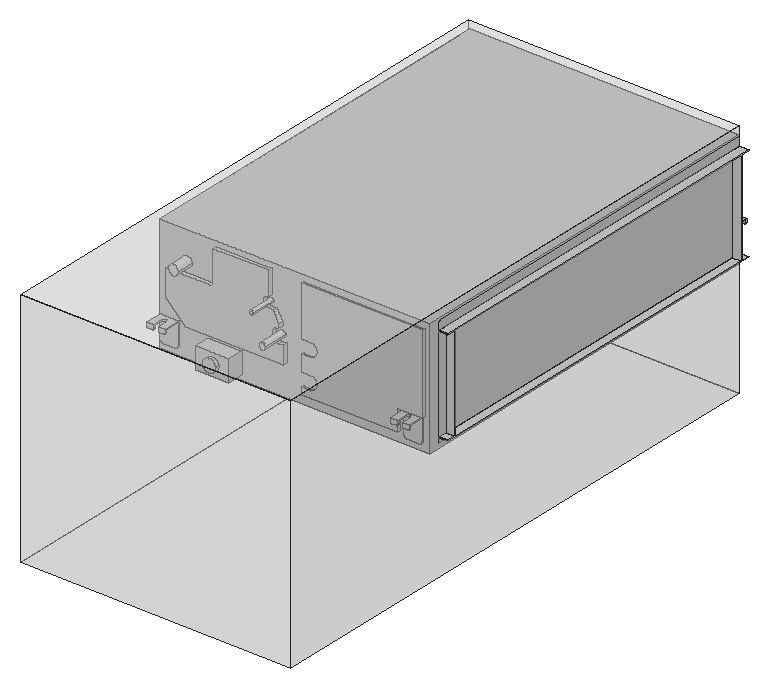
Revit family "outputfile", category 機械設備, Revit 2024
Family settings
  丸型コネクタ寸法 = 半径を使用
  パーツ タイプ = 標準
  OmniClass 番号 = 23.75.10.24.21.27.27
  OmniClass タイトル = Split System Air Conditioning Units
  作業面ベース = いいえ
  常に垂直 = はい
  ロード時にボイドで切り取り = いいえ
  注釈の向きを維持 = いいえ
  共有 = いいえ
  部屋計算ポイント = はい
Parameters (values of type "FXMQ63PAVS")
  Description = ""
  製造元 = "Daikin"
  書き出し IFC クラス(タイプ) = "IfcUnitaryEquipmentType"
  定義済み IFC タイプ(タイプ) = "AIRCONDITIONINGUNIT"
  Cost = 0
  モデル = "FXMQ63PAVS"
  Type Comments = ""
  Keynote = ""
  Type Image = (empty or 0)
  Assembly Code = ""
  r_Liquid Pipe Size = Liquid Pipe Size / 2  # 4.75 mm
  r_Gas Pipe Size = Gas Pipe Size / 2  # 7.95 mm
  r_Drain Pipe Size = Drain Pipe Size / 2  # 12.5 mm
  lw_power = 396.0 mm  # constant formula
  lh_SA = 165.0 mm  # constant formula
  lw_SA = if(Depth = 550.0 mm, 210.0 mm, if(Depth = 700.0 mm, 285.0 mm, if(Depth = 1000.0 mm, 435.0 mm, 635.0 mm)))  # 435.0 mm
  lw_RA = if(Depth = 550.0 mm, 288.0 mm, if(Depth = 700.0 mm, 363.0 mm, if(Depth = 1000.0 mm, 513.0 mm, 713.0 mm)))  # 513.0 mm
  lh_power = 60.0 mm + [h***]  # 60.0 mm
  lh_mountinghole1 = lh_mountinghole + [h***]  # 80.0 mm
  lh_RA = 150.0 mm  # constant formula
  ld_power = Depth / 2  # 500.0 mm
  Voltage_comment_50Hz = "220-240"
  Voltage_50Hz = 220 V
  URL = ""
  Supply Air Direction [instance] = yes
  Sound Power Level_H speed (dB) = 60
  Phase_50Hz = 1
  Minimum External Static Pressure = 50.00 Pa
  Minimum Circuit Amps_50Hz = 1.8 A
  Maximum Fuse Amps_50Hz = 16.0 A
  Maximum External Static Pressure = 200.00 Pa
  Material_Casing = DAIKIN_GalvanizedSteel_Casing_indoorunit
  lw_mountinghole = 631.0 mm  # constant formula
  lh_gaspipe = 144.0 mm + [h***]  # 144.0 mm
  lh_mountinghole = 80.0 mm  # constant formula
  lh_liquidpipe = 212.0 mm + [h***]  # 212.0 mm
  lh_drainpipe = 232.0 mm + [h***]  # 232.0 mm
  lh_antena = Height - lh_mountinghole + 1.0 mm  # 221.0 mm
  ld_drainpipe = Depth / 2 + 54.0 mm  # 554.0 mm
  ld_liquidpipe = 565.0 mm
  ld_gaspipe = 565.0 mm
  ld_mountinghole = Depth + 38.0 mm  # 1038.0 mm
  h*** = 0.0 mm  # constant formula
  lw_liquidpipe = 290.0 mm  # constant formula
  lw_gaspipe = 318.0 mm  # constant formula
  lw_drainpipe = 80.0 mm  # constant formula
  Width = 700.0 mm
  Version = "ver.1.0"
  Unit Type = "Middle-High Static Pressure Duct Type"
  Unit Mass Weight = 35.00 kg
  Unit Designation [instance] = ""
  Uniclass2015Version = "Products v1.30"
  Uniclass2015Title = "Variable refrigerant flow units"
  Uniclass2015Code = "Pr_70_65_03_94"
  Total Heating Capacity [instance] = 0.000 kW
  Total Cooling Capacity [instance] = 0.000 kW
  Sound Pressure Level_M speed (dBA) = 0
  Sound Pressure Level_L speed (dBA) = 38
  Sound Pressure Level_H speed (dBA) = 42
  Series = "VRV Fan Coil Unit"
  Sensible Cooling Capacity [instance] = 0.000 kW
  SA Duct Size Width = if(Depth = 550.0 mm, 310.0 mm, if(Depth = 700.0 mm, 460.0 mm, if(Depth = 1000.0 mm, 760.0 mm, 1160.0 mm)))  # 760.0 mm
  SA Duct Size Height = 215.0 mm
  Refrigerant Type = "R410A"
  RA Duct Size Width = if(Depth = 550.0 mm, 475.0 mm, if(Depth = 700.0 mm, 625.0 mm, if(Depth = 1000.0 mm, 925.0 mm, 1325.0 mm)))  # 925.0 mm
  RA Duct Size Height = 247.0 mm
  Power Input (Heating) = 0.218 kW
  Power Input (Cooling) = 0.230 kW
  Option Accessory 3 [instance] = ""
  Option Accessory 2 [instance] = ""
  Option Accessory 1 [instance] = ""
  Nominal Heating Capacity = 8.000 kW
  Nominal Cooling Capacity = 7.100 kW
  Minimum Airflow = 960.00 m³/h
  Median Airflow = 1050.00 m³/h
  Maximum Airflow = 1170.00 m³/h
  Load Classification = HVAC
  Liquid Pipe Size = 9.5 mm
  Link_Nested Family [instance] = ""
  IfcVersion = "0"
  IfcExportType = "AIRCONDITIONINGUNIT"
  IfcExportAs = "IfcUnitaryEquipmentType"
  Height = 300.0 mm
  Heating Entering Wet Bulb Temperature [instance] = 0.00 °C
  Heating Entering Dry Bulb Temperature [instance] = 0.00 °C
  Heating Ambient Wet Bulb Temperature [instance] = 0.00 °C
  Heating Ambient Dry Bulb Temperature [instance] = 0.00 °C
  Heat Exchanger Type = "Cross Fin Coil"
  Gas Pipe Size = 15.9 mm
  Frequency_50Hz = 50 Hz
  Fan Type = "Sirocco Fan"
  Fan Drive = "Direct Drive"
  FCU Tag No. [instance] = ""
  Drain Pipe Size = 25.0 mm
  Design Supply Airflow [instance] = 0.00 m³/h
  Design Return Airflow [instance] = 0.00 m³/h
  Design External Static Pressure [instance] = 0.00 Pa
  Depth = 1000.0 mm
  既定の高さ = 0.0 mm
  Cooling Entering Wet Bulb Temperature [instance] = 0.00 °C
  Cooling Entering Dry Bulb Temperature [instance] = 0.00 °C
  Cooling Ambient Wet Bulb Temperature [instance] = 0.00 °C
  Cooling Ambient Dry Bulb Temperature [instance] = 0.00 °C
  Clearance visibility [instance] = yes
  Clearance Top = 20.0 mm
  Clearance Right = 0.0 mm
  Clearance Rear = 0.0 mm
  Clearance Left = 0.0 mm
  Clearance Front = 450.0 mm
  Clearance Bottom = 300.0 mm
Reference planes
  plane 1 "Center (Front/Back)": y = 0
  plane 2 "h": z = 0
  plane 3 "Center (Left/Right)": x = 0
  plane 4 "Back": y = 500
  plane 5 "Front": y = -500
  plane 6 "Left": x = -350
  plane 7 "Reight": x = 350
  plane 8 "Top": z = 0
  plane 9 "Bottom": z = -300
  plane 10: y = -215
  plane 11: y = 500
  plane 12: y = -950
  plane 13: x = -350
  plane 14: x = 350
  plane 15: z = 20
  plane 16: z = -600
  plane 17: x = -350
  plane 18: z = -135
  plane 19: x = -349
  plane 20: x = 349
  plane 21: y = 65
  plane 22: y = 13
  plane 23: z = -150
  plane 24: y = -510.8
  plane 25: z = -14
  plane 26: z = -219
  plane 27: x = -324
  plane 28: x = -60
  plane 29: x = -20
  plane 30: z = -156
  plane 31: x = -32
  plane 32: z = -88
  plane 33: x = 23
  plane 34: x = 335
  plane 35: z = -15.8
  plane 36: z = -274.8
  plane 37: z = -219.8
  plane 38: x = 271
  plane 39: x = -223.3
  plane 40: x = -138.3
  plane 41: z = -232.7
  plane 42: z = -288.5
  plane 43: y = -541
  plane 44: x = -181
  plane 45: z = -260
  plane 46: y = -551
  plane 47: z = -163.8
  plane 48: z = -239.8
  plane 49: x = 46
  plane 50: z = -88
  plane 51: x = -60
  plane 52: y = -565
  plane 53: z = -156
  plane 54: x = -32
  plane 55: y = -554
  plane 56: z = -68
  plane 57: x = -270
  plane 58: x = -270
  plane 59: x = -60
  plane 60: x = -32
  plane 61: x = 46
  plane 62: x = -323
  plane 63: x = 308
  plane 64: y = -519
  plane 65: y = 519
  plane 66: z = -220
  plane 67: y = -506
  plane 68: x = -204
  plane 69: z = -100.2
  plane 70: x = -374
  plane 71: x = 374
Forms (mm)
  Extrusion 1, solid, material "DAIKIN_GalvanizedSteel_Casing_indoorunit" <- "Material_Casing"
    sketch origin (0, 0, 0) x (1, 0, 0) y (0, 1, 0)
      loop
        line (-349, 500) -> (-349, -500) -> (349, -500) -> (349, 500) -> (-349, 500)
    from -300 to 0
  Extrusion 2, solid, material "DAIKIN_GalvanizedSteel_Casing_indoorunit" <- "Material_Casing"
    sketch origin (0, 0, 0) x (1, 0, 0) y (0, 0, 1)
      loop
        line (-324, -100.2) -> (-324, -168) -> (-273, -219) -> (-20, -219) -> (-20, -173.5) -> (-32, -173.5)
        arc (-32, -173.5) -> (-49.5, -156) -> (-32, -138.5) r 17.5
        line (-32, -138.5) -> (-32, -127.5) -> (-47, -101) -> (-60, -101)
        arc (-60, -101) -> (-73, -88) -> (-60, -75) r 13
        line (-60, -75) -> (-60, -14) -> (-204, -14) -> (-204, -100.2) -> (-324, -100.2)
    from 500 to 510.8
  Extrusion 3, solid, material "DAIKIN_GalvanizedSteel_Casing_indoorunit" <- "Material_Casing"
    sketch origin (0, 0, 0) x (1, 0, 0) y (0, 0, 1)
      loop
        line (23, -274.8) -> (271, -274.8) -> (271, -219.8) -> (335, -219.8) -> (335, -15.8) -> (23, -15.8) -> (23, -146.3) -> (46, -146.3)
        arc (46, -146.3) -> (63.5, -163.8) -> (46, -181.3) r 17.5
        line (46, -181.3) -> (23, -181.3) -> (23, -222.3) -> (46, -222.3)
        arc (46, -222.3) -> (63.5, -239.8) -> (46, -257.3) r 17.5
        line (46, -257.3) -> (23, -257.3) -> (23, -274.8)
    from 500 to 506
  Extrusion 4, solid, material "DAIKIN_GalvanizedSteel_Casing_indoorunit" <- "Material_Casing"
    sketch origin (0, 0, 0) x (1, 0, 0) y (0, 0, 1)
      loop
        line (-223.3, -232.7) -> (-223.3, -288.5) -> (-138.3, -288.5) -> (-138.3, -232.7) -> (-223.3, -232.7)
    from 500 to 541
  Extrusion 5, solid, material "DAIKIN_GalvanizedSteel_Casing_indoorunit" <- "Material_Casing"
    sketch origin (0, 0, 0) x (1, 0, 0) y (0, 0, 1)
      loop
        circle (-181, -260) r 16.5
    from 541 to 551
  Extrusion 6, solid
    sketch origin (0, 0, 0) x (1, 0, 0) y (0, 0, 1)
      loop
        circle (-60, -88) r 4.75
    from 500 to 565
  Extrusion 7, solid
    sketch origin (0, 0, 0) x (1, 0, 0) y (0, 0, 1)
      loop
        circle (-32, -156) r 7.95
    from 500 to 565
  Extrusion 8, solid
    sketch origin (0, 0, 0) x (1, 0, 0) y (0, 0, 1)
      loop
        circle (-270, -68) r 12.5
    from 510.8 to 554
Dimensions and locks
  "Height": plane 8 "Top" to plane 9 "Bottom"
  equal spacing: plane 4 "Back", plane 1 "Center (Front/Back)", plane 5 "Front"
  "Depth": plane 4 "Back" to plane 5 "Front"
  equal spacing: plane 6 "Left", plane 3 "Center (Left/Right)", plane 7 "Reight"
  "Width": plane 6 "Left" to plane 7 "Reight"
  "Clearance Left": plane 13 to plane 6 "Left"
  "Clearance Right": plane 7 "Reight" to plane 14
  "Clearance Rear": plane 11 to plane 4 "Back"
  "Clearance Front": plane 5 "Front" to plane 12
  "Clearance Top": plane 15 to plane 8 "Top"
  "Clearance Bottom": plane 9 "Bottom" to plane 16
  "lh_SA": plane 18 to plane 9 "Bottom"
  locked: plane 17 to plane 19 at 1
  locked: plane 20 to plane 14 at 1
  "lw_SA": plane 11 to plane 21
  "lw_RA": plane 22 to plane 5 "Front"
  "lh_RA": plane 23 to plane 9 "Bottom"
  locked: plane 5 "Front" to plane 24 at 10.8
  plane 29 to plane 28 to plane 27 to plane 6 "Left" = 40.0 mm, 264.0 mm, 26.0 mm
  locked: plane 31 to plane 6 "Left" at 318
  plane 34 to plane 33 to plane 6 "Left" = 312.0 mm locked, 373.0 mm locked
  locked: plane 34 to plane 38 at 64
  locked: plane 37 to plane 36 at 55
  plane 40 to plane 39 to plane 6 "Left" = 85.0 mm locked, 126.7 mm locked
  locked: plane 5 "Front" to plane 43 at 41
  locked: plane 44 to plane 6 "Left" at 169
  locked: plane 43 to plane 46 at 10
  plane 47 to plane 48 to plane 36 = 76.0 mm locked, 35.0 mm locked
  locked: plane 49 to plane 33 at 23
  "lw_liquidpipe": plane 51 to plane 6 "Left"
  "lh_liquidpipe": plane 50 to plane 9 "Bottom"
  "lh_gaspipe": plane 53 to plane 9 "Bottom"
  "lw_gaspipe": plane 54 to plane 6 "Left"
  "ld_gaspipe": plane 52 to plane 1 "Center (Front/Back)"
  "ld_drainpipe": plane 55 to plane 1 "Center (Front/Back)"
  "lh_drainpipe": plane 56 to plane 9 "Bottom"
  "lw_drainpipe": plane 57 to plane 6 "Left"
  "lw_drainpipe": plane 6 "Left" to plane 58
  "lw_liquidpipe": plane 6 "Left" to plane 59
  "lw_gaspipe": plane 6 "Left" to plane 60
  "lw_power": plane 6 "Left" to plane 61
  plane 17 to plane 62 = 27.0 mm
  "lw_mountinghole": plane 62 to plane 63
  equal spacing: plane 64, plane 1 "Center (Front/Back)", plane 65
  "ld_mountinghole": plane 65 to plane 64
  "lh_mountinghole": plane 66 to plane 9 "Bottom"
  plane 8 "Top" to plane 41 to plane 42 = 232.7 mm locked, 55.8 mm locked
  locked: plane 8 "Top" to plane 45 at 260
  plane 8 "Top" to plane 25 to plane 26 = 14.0 mm locked, 205.0 mm locked
  plane 8 "Top" to plane 32 to plane 30 = 88.0 mm locked, 68.0 mm locked
  plane 8 "Top" to plane 35 to plane 36 = 15.8 mm locked, 259.0 mm locked
  locked: plane 5 "Front" to plane 67 at 6
  locked: plane 25 to plane 69 at 86.2
  locked: plane 27 to plane 68 at 120
  locked: plane 70 to plane 6 "Left" at 24
  locked: plane 14 to plane 71 at 24
  "r_Liquid Pipe Size": radius of Extrusion 6 sketch curve
  "r_Gas Pipe Size": radius of Extrusion 7 sketch curve
  "r_Drain Pipe Size": radius of Extrusion 8 sketch curve
  aligned and locked: level to plane 2 "h"
  aligned and locked: plane 8 "Top" to Extrusion 1
  aligned and locked: Extrusion 1 to plane 9 "Bottom"
  aligned and locked: nested 5 to plane 12
  aligned and locked: plane 13 to nested 5
  aligned and locked: plane 14 to nested 5
  aligned and locked: nested 5 to plane 13
  aligned and locked: plane 11 to nested 5
  aligned and locked: plane 15 to nested 5
  aligned and locked: plane 16 to nested 5
  aligned and locked: plane 5 "Front" to Extrusion 1 sketch curve
  aligned and locked: Extrusion 1 to plane 19
  aligned and locked: plane 20 to Extrusion 1
  aligned and locked: nested 7 to plane 19
  aligned and locked: nested 7 to plane 21
  aligned and locked: plane 18 to nested 7
  aligned and locked: plane 20 to nested 8
  aligned and locked: plane 22 to nested 8
  aligned and locked: plane 23 to nested 8
  aligned and locked: Extrusion 2 to plane 24
  aligned and locked: plane 5 "Front" to Extrusion 2
  aligned and locked: plane 36 to Extrusion 3 sketch curve
  aligned and locked: plane 38 to Extrusion 3 sketch curve
  aligned and locked: plane 37 to Extrusion 3 sketch curve
  aligned and locked: Extrusion 3 sketch curve to plane 34
  aligned and locked: Extrusion 3 sketch curve to plane 35
  aligned and locked: Extrusion 3 sketch curve to plane 33
  aligned and locked: plane 5 "Front" to Extrusion 3
  aligned and locked: Extrusion 4 sketch curve to plane 41
  aligned and locked: Extrusion 4 sketch curve to plane 39
  aligned and locked: plane 42 to Extrusion 4 sketch curve
  aligned and locked: plane 40 to Extrusion 4 sketch curve
  aligned and locked: Extrusion 4 to plane 43
  aligned and locked: plane 5 "Front" to Extrusion 4
  aligned and locked: Extrusion 5 sketch curve to plane 44
  aligned and locked: plane 45 to Extrusion 5 sketch curve
  aligned and locked: Extrusion 5 to plane 46
  aligned and locked: plane 43 to Extrusion 5
  aligned and locked: Extrusion 6 sketch curve to plane 51
  aligned and locked: plane 50 to Extrusion 6 sketch curve
  aligned and locked: Extrusion 6 to plane 52
  aligned and locked: plane 5 "Front" to Extrusion 6
  aligned and locked: Extrusion 7 sketch curve to plane 54
  aligned and locked: plane 53 to Extrusion 7 sketch curve
  aligned and locked: Extrusion 7 to Extrusion 6
  aligned and locked: plane 5 "Front" to Extrusion 7
  aligned and locked: Extrusion 8 sketch curve to plane 57
  aligned and locked: plane 56 to Extrusion 8 sketch curve
  aligned and locked: Extrusion 8 to plane 55
  aligned and locked: plane 24 to Extrusion 8
  aligned and locked: nested 3 to plane 55
  aligned and locked: plane 58 to nested 3
  aligned and locked: nested 2 to plane 59
  aligned and locked: nested 2 to plane 52
  aligned and locked: nested 1 to plane 60
  aligned and locked: Extrusion 7 to plane 52
  aligned and locked: nested 1 to plane 52
  aligned and locked: nested 6 to plane 5 "Front"
  aligned and locked: nested 6 to plane 61
  aligned and locked: plane 62 to nested 10
  aligned and locked: nested 10 to plane 5 "Front"
  aligned and locked: plane 63 to nested 9
  aligned and locked: nested 9 to plane 5 "Front"
  aligned and locked: nested 11 to plane 62
  aligned and locked: plane 4 "Back" to nested 11
  aligned and locked: nested 12 to plane 63
  aligned and locked: plane 4 "Back" to nested 12
  aligned and locked: plane 66 to nested 10
  aligned and locked: plane 66 to nested 11
  aligned and locked: plane 66 to nested 9
  aligned and locked: plane 66 to nested 12
  aligned and locked: plane 62 to nested 14
  aligned and locked: nested 14 to plane 65
  aligned and locked: plane 63 to nested 13
  aligned and locked: nested 13 to plane 65
  aligned and locked: plane 63 to nested 16
  aligned and locked: plane 64 to nested 16
  aligned and locked: plane 64 to nested 15
  aligned and locked: plane 62 to nested 15
  aligned and locked: Extrusion 3 to plane 67
  aligned and locked: Extrusion 2 sketch curve to plane 68
  aligned and locked: plane 69 to Extrusion 2 sketch curve
  aligned and locked: nested 17 to plane 21
  aligned and locked: nested 17 to plane 70
  aligned and locked: plane 18 to nested 17
  aligned and locked: plane 22 to nested 18
  aligned and locked: plane 71 to nested 18
  aligned and locked: nested 18 to plane 23
  aligned and locked: nested 4 to plane 3 "Center (Left/Right)"
  aligned and locked: plane 1 "Center (Front/Back)" to nested 4
  aligned and locked: level to plane 8 "Top"
Automatic sketch dimensions
  plane 6 "Left" to Extrusion 1 sketch curve = 1.0 mm
  Extrusion 1 sketch curve to plane 7 "Reight" = 1.0 mm
  Extrusion 1 sketch curve to plane 4 "Back" = 0.0 mm
  Extrusion 3 sketch curve to plane 33 = 0.0 mm  (x2)
  Extrusion 3 sketch curve to plane 47 = 0.0 mm
  Extrusion 3 sketch curve to plane 49 = 0.0 mm  (x4)
  Extrusion 3 sketch curve to plane 48 = 0.0 mm
  Extrusion 3 sketch curve to plane 37 = 2.5 mm
  plane 23 to Extrusion 3 sketch curve = 3.7 mm
  plane 27 to Extrusion 2 sketch curve = 0.0 mm
  Extrusion 2 sketch curve to plane 26 = 0.0 mm
  Extrusion 2 sketch curve to plane 28 = 0.0 mm
  Extrusion 2 sketch curve to plane 31 = 0.0 mm
  Extrusion 2 sketch curve to plane 29 = 0.0 mm
  Extrusion 2 sketch curve to plane 30 = 0.0 mm
  Extrusion 2 sketch curve to plane 32 = 0.0 mm
  Extrusion 2 sketch curve to plane 25 = 0.0 mm
  Extrusion 2 sketch curve to Extrusion 2 sketch curve = 13.0 mm
  Extrusion 2 sketch curve to Extrusion 2 sketch curve = 17.5 mm
  plane 18 to Extrusion 2 sketch curve = 7.5 mm
  Extrusion 2 sketch curve to plane 58 = 3.0 mm
  Extrusion 2 sketch curve to plane 30 = 12.0 mm
  Extrusion 2 sketch curve to Extrusion 2 sketch curve = 0.8 mm
  radius of Extrusion 5 sketch curve = 16.5 mm
Nested families
  nested 1: "daikin_connector_rotate2" at (-32, 0, -156), length <- "ld_gaspipe", built-in parameter 1001364 <- "lh_gaspipe", radius <- "r_Gas Pipe Size", type "daikin_connector_rotate2"
    with radius 7.95 mm, length 565.0 mm, angle_vertical 90.00°
  nested 2: "daikin_connector_rotate2" at (-60, 0, -88), length <- "ld_liquidpipe", built-in parameter 1001364 <- "lh_liquidpipe", radius <- "r_Liquid Pipe Size", type "daikin_connector_rotate2"
    with radius 4.75 mm, length 565.0 mm, angle_vertical 90.00°
  nested 3: "daikin_connector_rotate2" at (-270, 0, -68), length <- "ld_drainpipe", built-in parameter 1001364 <- "lh_drainpipe", radius <- "r_Drain Pipe Size", type "daikin_connector_rotate2"
    with radius 12.5 mm, length 554.0 mm, angle_vertical 90.00°
  nested 4: "daikin_△_symbolicline" at (0, 0, 300) x (0, -1, 0) z (0, 0, 1), built-in parameter 1001364 <- "Height", visible <- "Supply Air Direction", type "daikin_△_symbolicline"
    with length 200.0 mm
  nested 5: "daikin_clearancespace" at (0, -225, -289.881), visible <- "Clearance visibility", show <- "Clearance visibility", Link_Nested Family <- "Link_Nested Family", type "daikin_clearancespace"
    with width 700.0 mm, show yes, height 620.0 mm, depth 1450.0 mm, Link_Nested Family ""
  nested 6: "daikin_connector_rotate2" at (46, 0, -240), built-in parameter 1001364 <- "lh_power", length <- "ld_power", type "daikin_connector_rotate2"
    with radius 10.0 mm, length 500.0 mm, angle_vertical 90.00°
  nested 7: "daikin_ductflange_FXMQ-PAVS2" at (-349, 65, -135) x (0, -1, 0) z (0, 0, 1), type "daikin_ductflange_FXMQ-PAVS2"
    with width 760.0 mm, w 1000.0 mm
  nested 8: "daikin_ductflange_FXMQ-PAVS" at (349, 13, -150) x (0, 1, 0) z (0, 0, 1), type "daikin_ductflange_FXMQ-PAVS"
    with width 925.0 mm, w 1000.0 mm
  nested 9: "daikin_hangerfixture_FXMQ-PAVS" at (308, -500, -220), type "daikin_hangerfixture_FXMQ-PAVS"
  nested 10: "daikin_hangerfixture_FXMQ-PAVS" at (-323, -500, -220), type "daikin_hangerfixture_FXMQ-PAVS"
  nested 11: "daikin_hangerfixture_FXMQ-PAVS" at (-323, 500, -220) x (-1, 0, 0) z (0, 0, 1), type "daikin_hangerfixture_FXMQ-PAVS"
  nested 12: "daikin_hangerfixture_FXMQ-PAVS" at (308, 500, -220) x (-1, 0, 0) z (0, 0, 1), type "daikin_hangerfixture_FXMQ-PAVS"
  nested 13: "daikin_mountinghole" at (308, 519, -300), h_mountinghole <- "lh_mountinghole1", l_antenna <- "lh_antena", Link_Nested Family <- "Link_Nested Family", type "daikin_mountinghole"
    with show yes, l_antenna 221.0 mm, h_mountinghole 80.0 mm, Link_Nested Family ""
  nested 14: "daikin_mountinghole" at (-323, 519, -300), h_mountinghole <- "lh_mountinghole1", l_antenna <- "lh_antena", Link_Nested Family <- "Link_Nested Family", type "daikin_mountinghole"
    with show yes, l_antenna 221.0 mm, h_mountinghole 80.0 mm, Link_Nested Family ""
  nested 15: "daikin_mountinghole" at (-323, -519, -300), h_mountinghole <- "lh_mountinghole1", l_antenna <- "lh_antena", Link_Nested Family <- "Link_Nested Family", type "daikin_mountinghole"
    with show yes, l_antenna 221.0 mm, h_mountinghole 80.0 mm, Link_Nested Family ""
  nested 16: "daikin_mountinghole" at (308, -519, -300), h_mountinghole <- "lh_mountinghole1", l_antenna <- "lh_antena", Link_Nested Family <- "Link_Nested Family", type "daikin_mountinghole"
    with show yes, l_antenna 221.0 mm, h_mountinghole 80.0 mm, Link_Nested Family ""
  nested 17: "daikin_connector_rotate2" at (-350, 65, -135) x (0, -1, 0) z (0, 0, 1), type "daikin_connector_rotate2"
    with radius 10.0 mm, length 24.0 mm, angle_vertical 90.00°
  nested 18: "daikin_connector_rotate2" at (350, 13, -150) x (0, 1, 0) z (0, 0, 1), type "daikin_connector_rotate2"
    with radius 10.0 mm, length 24.0 mm, angle_vertical 90.00°
Connectors
  piping at (-270, -554, -68), diameter 25, driven by "r_Drain Pipe Size"
    settings: on nested 3, index 3, connector inside diameter 609.6 mm, connector length 0.0 mm, flow factor 0, pipe flow 0.00 m³/h, pressure drop 0.0 Pa, fitting loss kfactor 0, connector angle 0.00°, fixture units 0, engagement length 0.0 mm, angle of deflection 0.00°, flow configuration 1, flow direction 2, fitting loss method 4, system type 16, joint type 0, gender type 0, connector reference index -1, connector utility 0, adjustable connector no, is connector primary yes, connector description "Condensate Drain Piping"
  piping at (-32, -565, -156), diameter 15.9, driven by "r_Gas Pipe Size"
    settings: on nested 1, index 4, connector inside diameter 609.6 mm, connector length 0.0 mm, flow factor 0, pipe flow 0.00 m³/h, pressure drop 0.0 Pa, fitting loss kfactor 0, connector angle 0.00°, fixture units 0, engagement length 0.0 mm, angle of deflection 0.00°, flow configuration 1, flow direction 2, fitting loss method 0, system type 29, joint type 0, gender type 0, connector reference index -1, connector utility 0, adjustable connector no, is connector primary no, connector description "Refrigerant Gas Piping"
  piping at (-60, -565, -88), diameter 9.5, driven by "r_Liquid Pipe Size"
    settings: on nested 2, index 5, connector inside diameter 609.6 mm, connector length 0.0 mm, flow factor 0, pipe flow 0.00 m³/h, pressure drop 0.0 Pa, fitting loss kfactor 0, connector angle 0.00°, fixture units 0, engagement length 0.0 mm, angle of deflection 0.00°, flow configuration 1, flow direction 1, fitting loss method 0, system type 29, joint type 0, gender type 0, connector reference index -1, connector utility 0, adjustable connector no, is connector primary no, connector description "Refrigerant Liquid Piping"
  electrical at (46, -500, -240), driven by "Load Classification"
    settings: on nested 6, index 6, voltage 0 V, apparent load 0 VA, apparent load phase1 0 VA, apparent load phase2 0 VA, apparent load phase3 0 VA, power factor 1, load classification "HVAC", number of poles 1, system type 30, power factor state 1, is connector primary yes, connector utility no, sub classification motor no, connector description "Power Supply"
  hvac at (-374, 65, -135), driven by "SA Duct Size Height", driven by "SA Duct Size Width"
    settings: on nested 17, index 7, duct flow 0.00 m³/h, flow factor 0, pres drop 0.00 Pa, loss coef 0, conn angle 0.00°, conn width 760.0 mm, conn height 215.0 mm, conn diameter 609.6 mm, duct sys type 1, conn prof type 1, flow config 0, flow direction 2, loss method 4, conn ref index -1, conn util no, is conn primary yes, conn desc "SA Duct"
  hvac at (374, 13, -150), driven by "RA Duct Size Height", driven by "RA Duct Size Width"
    settings: on nested 18, index 8, duct flow 0.00 m³/h, flow factor 0, pres drop 0.00 Pa, loss coef 0, conn angle 0.00°, conn width 925.0 mm, conn height 247.0 mm, conn diameter 609.6 mm, duct sys type 2, conn prof type 1, flow config 0, flow direction 1, loss method 4, conn ref index -1, conn util no, is conn primary no, conn desc "RA Duct"
Definition of nested family "daikin_clearancespace"
  Parameters (values of type "daikin_clearancespace")
    width [instance] = 1823.963 mm
    show [instance] = yes
    material = none
    height [instance] = 1359.762 mm
    depth [instance] = 880.0 mm
    Default Elevation = 0.0 mm
    Link_Nested Family [instance] = ""
  Reference planes
    plane 1 "Center (Front/Back)": y = 0
    plane 2 "Center (Elevation)": z = -0.119
    plane 3 "Center (Left/Right)": x = 0
    plane 4: y = 440
    plane 5: y = -440
    plane 6 "Right": x = 911.982
    plane 7 "Left": x = -911.982
    plane 8 "Top": z = 679.762
    plane 9 "Bottom": z = -680
  Forms (mm)
    Extrusion 1, solid, material <- "material", visible <- "show"
      sketch origin (0, 0, 0) x (1, 0, 0) y (0, 1, 0)
        loop
          line (-911.982, 440) -> (-911.982, -440) -> (911.982, -440) -> (911.982, 440) -> (-911.982, 440)
      from -680 to 679.762
  Lines and regions (mm)
    symbolic lines, visible <- "show"
      curve 1: line (911.982, 440, 0) -> (-911.982, 440, 0)
      curve 2: line (-911.982, 440, 0) -> (-911.982, -440, 0)
      curve 3: line (-911.982, -440, 0) -> (911.982, -440, 0)
      curve 4: line (911.982, -440, 0) -> (911.982, 440, 0)
      curve 5: line (911.982, 0, 679.762) -> (-911.982, 0, 679.762)
      curve 6: line (911.982, 0, -680) -> (911.982, 0, 679.762)
      curve 7: line (-911.982, 0, -680) -> (911.982, 0, -680)
      curve 8: line (-911.982, 0, 679.762) -> (-911.982, 0, -680)
      curve 9: line (0, 440, 679.762) -> (0, -440, 679.762)
      curve 10: line (0, -440, 679.762) -> (0, -440, -680)
      curve 11: line (0, 440, -680) -> (0, 440, 679.762)
      curve 12: line (0, -440, -680) -> (0, 440, -680)
  Dimensions and locks
    "width": plane 7 "Left" to plane 6 "Right"
    "depth": plane 4 to plane 5
    "height": plane 8 "Top" to plane 9 "Bottom"
    equal spacing: plane 7 "Left", plane 3 "Center (Left/Right)", plane 6 "Right"
    equal spacing: plane 4, plane 1 "Center (Front/Back)", plane 5
    equal spacing: plane 8 "Top", plane 2 "Center (Elevation)", plane 9 "Bottom"
    aligned and locked: level to plane 2 "Center (Elevation)"
    aligned and locked: Extrusion 1 sketch curve to plane 4
    aligned and locked: plane 7 "Left" to Extrusion 1 sketch curve
    aligned and locked: Extrusion 1 sketch curve to plane 5
    aligned and locked: Extrusion 1 sketch curve to plane 6 "Right"
    aligned and locked: plane 8 "Top" to Extrusion 1
    aligned and locked: curve 1 to Extrusion 1
    aligned and locked: curve 2 to Extrusion 1
    aligned and locked: curve 3 to Extrusion 1
    aligned and locked: curve 4 to Extrusion 1
    aligned and locked: curve 5 to Extrusion 1
    aligned and locked: curve 6 to Extrusion 1
    aligned and locked: curve 7 to Extrusion 1
    aligned and locked: curve 8 to Extrusion 1
    aligned and locked: curve 9 to Extrusion 1
    aligned and locked: curve 10 to Extrusion 1
    aligned and locked: curve 11 to Extrusion 1
    aligned and locked: curve 12 to Extrusion 1
    aligned and locked: Extrusion 1 to plane 9 "Bottom"
Definition of nested family "daikin_ductflange_FXMQ-PAVS2"
  Parameters (values of type "daikin_ductflange_FXDSQ-AVM2")
    width = if(w = 550.0 mm, 310.0 mm, if(w = 700.0 mm, 460.0 mm, if(w = 1000.0 mm, 760.0 mm, 1160.0 mm)))  # 310.0 mm
    material = none
    height = 215.0 mm
    depth = 1.0 mm
    w = 550.0 mm
    Default Elevation = 0.0 mm
  Reference planes
    plane 1 "Center (Front/Back)": y = 0
    plane 2: z = 0
    plane 3 "Center (Left/Right)": x = 0
    plane 4: z = 107.5
    plane 5: z = -107.5
    plane 6: y = -25
    plane 7: z = 132.5
    plane 8: z = 108.5
    plane 9: y = -1
    plane 10: x = -177.5
    plane 11: x = 177.5
    plane 12: z = -132.5
    plane 13: z = -108.5
    plane 14: y = -1
    plane 15: x = 155
    plane 16: x = -155
    plane 17: x = 156
    plane 18: z = 106.5
    plane 19: z = -106.5
    plane 20: x = -156
    plane 21: z = 106.5
    plane 22: z = -106.5
    plane 23: y = -1
  Forms (mm)
    Extrusion 1, solid, material <- "material"
      sketch origin (0, 0, 0) x (0, 1, 0) y (0, 0, 1)
        loop
          line (-25, 107.5) -> (0, 107.5) -> (0, 132.5) -> (-1, 132.5) -> (-1, 108.5) -> (-25, 108.5) -> (-25, 107.5)
      from -177.5 to 177.5
    Extrusion 2, solid, material <- "material"
      sketch origin (0, 0, 0) x (0, 1, 0) y (0, 0, 1)
        loop
          line (-25, -107.5) -> (-25, -108.5) -> (-1, -108.5) -> (-1, -132.5) -> (0, -132.5) -> (0, -107.5) -> (-25, -107.5)
      from -177.5 to 177.5
    Extrusion 3, solid, material <- "material"
      sketch origin (0, 0, 0) x (1, 0, 0) y (0, 0, 1)
        loop
          line (155, 107.5) -> (155, -107.5) -> (177.5, -107.5) -> (177.5, -106.5) -> (156, -106.5) -> (156, 106.5) -> (177.5, 106.5) -> (177.5, 107.5) -> (155, 107.5)
      from 0 to 25
    Extrusion 4, solid, material <- "material"
      sketch origin (0, 0, 0) x (1, 0, 0) y (0, 0, 1)
        loop
          line (-177.5, 107.5) -> (-177.5, 106.5) -> (-156, 106.5) -> (-156, -106.5) -> (-177.5, -106.5) -> (-177.5, -107.5) -> (-155, -107.5) -> (-155, 107.5) -> (-177.5, 107.5)
      from 0 to 25
    Extrusion 5, solid, material <- "material"
      sketch origin (0, 0, 0) x (1, 0, 0) y (0, 0, 1)
        loop
          line (-177.5, 107.5) -> (-177.5, -107.5) -> (-155, -107.5) -> (-155, 107.5) -> (-177.5, 107.5)
        loop
          line (177.5, 107.5) -> (155, 107.5) -> (155, -107.5) -> (177.5, -107.5) -> (177.5, 107.5)
      from 0 to 1
  Cuts and joins
    joined: Extrusion 1, Extrusion 2, Extrusion 3, Extrusion 4, Extrusion 5
  Dimensions and locks
    plane 4 to level to plane 5 = 107.5 mm locked, 107.5 mm locked
    locked: plane 6 to plane 1 "Center (Front/Back)" at 25
    locked: plane 9 to plane 1 "Center (Front/Back)" at 1
    locked: plane 8 to plane 4 at 1
    locked: plane 11 to plane 15 at 22.5
    locked: plane 16 to plane 10 at 22.5
    locked: plane 17 to plane 15 at 1
    locked: plane 4 to plane 18 at 1
    locked: plane 19 to plane 5 at 1
    "width": plane 15 to plane 16
    plane 4 to plane 5 = 215.0 mm
    equal spacing: plane 15, plane 3 "Center (Left/Right)", plane 16
    locked: plane 16 to plane 20 at 1
    locked: plane 4 to plane 21 at 1
    locked: plane 22 to plane 5 at 1
    locked: plane 23 to plane 1 "Center (Front/Back)" at 1
    aligned and locked: level to plane 2
    aligned and locked: Extrusion 1 to plane 10
    aligned and locked: plane 11 to Extrusion 1
    aligned and locked: plane 5 to Extrusion 2
    aligned and locked: Extrusion 2 to plane 1 "Center (Front/Back)"
    aligned and locked: plane 15 to Extrusion 3 sketch curve
    aligned and locked: Extrusion 3 sketch curve to Extrusion 2  (x2)
    aligned and locked: Extrusion 3 sketch curve to plane 11
    aligned and locked: plane 6 to Extrusion 3
    aligned and locked: Extrusion 2 to plane 10
    aligned and locked: plane 11 to Extrusion 2
    aligned and locked: Extrusion 4 sketch curve to Extrusion 1  (x2)
    aligned and locked: plane 5 to Extrusion 4 sketch curve
    aligned and locked: Extrusion 4 sketch curve to plane 16
    aligned and locked: Extrusion 4 sketch curve to plane 22
    aligned and locked: plane 20 to Extrusion 4 sketch curve
    aligned and locked: plane 21 to Extrusion 4 sketch curve
    aligned and locked: Extrusion 4 to plane 1 "Center (Front/Back)"
    aligned and locked: plane 6 to Extrusion 4
    aligned and locked: Extrusion 5 sketch curve to Extrusion 1  (x4)
    aligned and locked: Extrusion 5 sketch curve to Extrusion 4  (x2)
    aligned and locked: Extrusion 5 sketch curve to Extrusion 3  (x2)
    aligned and locked: Extrusion 5 to plane 1 "Center (Front/Back)"
    aligned and locked: plane 23 to Extrusion 5
  Automatic sketch dimensions
    Extrusion 1 sketch curve to plane 6 = 0.0 mm
    Extrusion 1 sketch curve to plane 7 = 0.0 mm
    Extrusion 1 sketch curve to plane 9 = 0.0 mm
    Extrusion 1 sketch curve to plane 1 "Center (Front/Back)" = 0.0 mm
    Extrusion 1 sketch curve to plane 4 = 0.0 mm
    Extrusion 1 sketch curve to plane 8 = 0.0 mm
    Extrusion 2 sketch curve to plane 6 = 0.0 mm
    plane 12 to Extrusion 2 sketch curve = 0.0 mm
    Extrusion 2 sketch curve to plane 14 = 0.0 mm
    Extrusion 2 sketch curve to plane 1 "Center (Front/Back)" = 0.0 mm
    plane 13 to Extrusion 2 sketch curve = 0.0 mm
    Extrusion 2 sketch curve to plane 5 = 0.0 mm
    Extrusion 3 sketch curve to plane 17 = 0.0 mm
    Extrusion 3 sketch curve to plane 19 = 0.0 mm
    Extrusion 3 sketch curve to plane 18 = 0.0 mm
    Extrusion 3 sketch curve to plane 4 = 0.0 mm
    Extrusion 4 sketch curve to plane 10 = 0.0 mm
Definition of nested family "daikin_ductflange_FXMQ-PAVS"
  Parameters (values of type "daikin_ductflange_FXDSQ-AVM")
    width = if(w = 550.0 mm, 475.0 mm, if(w = 700.0 mm, 625.0 mm, if(w = 1000.0 mm, 925.0 mm, 1325.0 mm)))  # 475.0 mm
    material = none
    height = 247.0 mm
    depth = 1.0 mm
    w = 550.0 mm
    Default Elevation = 0.0 mm
  Reference planes
    plane 1 "Center (Front/Back)": y = 0
    plane 2: z = 0
    plane 3 "Center (Left/Right)": x = 0
    plane 4: z = 123.5
    plane 5: z = -123.5
    plane 6: y = -25
    plane 7: z = 146.5
    plane 8: z = 124.5
    plane 9: y = -1
    plane 10: x = -260
    plane 11: x = 260
    plane 12: z = -137
    plane 13: z = -124.5
    plane 14: y = -1
    plane 15: x = 237.5
    plane 16: x = -237.5
    plane 17: x = 238.5
    plane 18: z = 122.5
    plane 19: z = -122.5
    plane 20: x = -238.5
    plane 21: z = 122.5
    plane 22: z = -122.5
    plane 23: y = -1
  Forms (mm)
    Extrusion 1, solid, material <- "material"
      sketch origin (0, 0, 0) x (0, 1, 0) y (0, 0, 1)
        loop
          line (-25, 123.5) -> (0, 123.5) -> (0, 146.5) -> (-1, 146.5) -> (-1, 124.5) -> (-25, 124.5) -> (-25, 123.5)
      from -260 to 260
    Extrusion 2, solid, material <- "material"
      sketch origin (0, 0, 0) x (0, 1, 0) y (0, 0, 1)
        loop
          line (-25, -123.5) -> (-25, -124.5) -> (-1, -124.5) -> (-1, -137) -> (0, -137) -> (0, -123.5) -> (-25, -123.5)
      from -260 to 260
    Extrusion 3, solid, material <- "material"
      sketch origin (0, 0, 0) x (1, 0, 0) y (0, 0, 1)
        loop
          line (237.5, 123.5) -> (237.5, -123.5) -> (260, -123.5) -> (260, -122.5) -> (238.5, -122.5) -> (238.5, 122.5) -> (260, 122.5) -> (260, 123.5) -> (237.5, 123.5)
      from 0 to 25
    Extrusion 4, solid, material <- "material"
      sketch origin (0, 0, 0) x (1, 0, 0) y (0, 0, 1)
        loop
          line (-260, 123.5) -> (-260, 122.5) -> (-238.5, 122.5) -> (-238.5, -122.5) -> (-260, -122.5) -> (-260, -123.5) -> (-237.5, -123.5) -> (-237.5, 123.5) -> (-260, 123.5)
      from 0 to 25
    Extrusion 5, solid, material <- "material"
      sketch origin (0, 0, 0) x (1, 0, 0) y (0, 0, 1)
        loop
          line (-260, 123.5) -> (-260, -123.5) -> (-237.5, -123.5) -> (-237.5, 123.5) -> (-260, 123.5)
        loop
          line (260, 123.5) -> (237.5, 123.5) -> (237.5, -123.5) -> (260, -123.5) -> (260, 123.5)
      from 0 to 1
  Cuts and joins
    joined: Extrusion 1, Extrusion 2, Extrusion 3, Extrusion 4, Extrusion 5
  Dimensions and locks
    plane 4 to level to plane 5 = 123.5 mm, 123.5 mm
    locked: plane 6 to plane 1 "Center (Front/Back)" at 25
    locked: plane 9 to plane 1 "Center (Front/Back)" at 1
    locked: plane 8 to plane 4 at 1
    locked: plane 11 to plane 15 at 22.5
    locked: plane 16 to plane 10 at 22.5
    locked: plane 17 to plane 15 at 1
    locked: plane 4 to plane 18 at 1
    locked: plane 19 to plane 5 at 1
    "width": plane 15 to plane 16
    equal spacing: plane 15, plane 3 "Center (Left/Right)", plane 16
    locked: plane 16 to plane 20 at 1
    locked: plane 4 to plane 21 at 1
    locked: plane 22 to plane 5 at 1
    locked: plane 23 to plane 1 "Center (Front/Back)" at 1
    equal spacing: plane 4, level, plane 5
    locked: plane 7 to plane 4 at 23
    locked: plane 5 to plane 12 at 13.5
    locked: plane 1 "Center (Front/Back)" to plane 14 at 1
    locked: plane 5 to plane 13 at 1
    locked: plane 4 to plane 5 at 247
    aligned and locked: level to plane 2
    aligned and locked: Extrusion 1 to plane 10
    aligned and locked: plane 11 to Extrusion 1
    aligned and locked: plane 5 to Extrusion 2
    aligned and locked: Extrusion 2 to plane 1 "Center (Front/Back)"
    aligned and locked: plane 15 to Extrusion 3 sketch curve
    aligned and locked: Extrusion 3 sketch curve to Extrusion 2  (x2)
    aligned and locked: Extrusion 3 sketch curve to plane 11
    aligned and locked: plane 6 to Extrusion 3
    aligned and locked: Extrusion 2 to plane 10
    aligned and locked: plane 11 to Extrusion 2
    aligned and locked: Extrusion 4 sketch curve to Extrusion 1  (x2)
    aligned and locked: plane 5 to Extrusion 4 sketch curve
    aligned and locked: Extrusion 4 sketch curve to plane 16
    aligned and locked: Extrusion 4 sketch curve to plane 22
    aligned and locked: plane 20 to Extrusion 4 sketch curve
    aligned and locked: plane 21 to Extrusion 4 sketch curve
    aligned and locked: Extrusion 4 to plane 1 "Center (Front/Back)"
    aligned and locked: plane 6 to Extrusion 4
    aligned and locked: Extrusion 5 sketch curve to Extrusion 1  (x4)
    aligned and locked: Extrusion 5 sketch curve to Extrusion 4  (x2)
    aligned and locked: Extrusion 5 sketch curve to Extrusion 3  (x2)
    aligned and locked: Extrusion 5 to plane 1 "Center (Front/Back)"
    aligned and locked: plane 23 to Extrusion 5
  Automatic sketch dimensions
    Extrusion 1 sketch curve to plane 6 = 0.0 mm
    Extrusion 1 sketch curve to plane 7 = 0.0 mm
    Extrusion 1 sketch curve to plane 9 = 0.0 mm
    Extrusion 1 sketch curve to plane 1 "Center (Front/Back)" = 0.0 mm
    Extrusion 1 sketch curve to plane 4 = 0.0 mm
    Extrusion 1 sketch curve to plane 8 = 0.0 mm
    Extrusion 2 sketch curve to plane 6 = 0.0 mm
    plane 12 to Extrusion 2 sketch curve = 0.0 mm
    Extrusion 2 sketch curve to plane 14 = 0.0 mm
    Extrusion 2 sketch curve to plane 1 "Center (Front/Back)" = 0.0 mm
    plane 13 to Extrusion 2 sketch curve = 0.0 mm
    Extrusion 2 sketch curve to plane 5 = 0.0 mm
    Extrusion 3 sketch curve to plane 17 = 0.0 mm
    Extrusion 3 sketch curve to plane 19 = 0.0 mm
    Extrusion 3 sketch curve to plane 18 = 0.0 mm
    Extrusion 3 sketch curve to plane 4 = 0.0 mm
    Extrusion 4 sketch curve to plane 10 = 0.0 mm
Definition of nested family "daikin_hangerfixture_FXMQ-PAVS"
  Parameters (values of type "daikin_hangerfixture_FXMQ-PAVE")
    width = 48.0 mm
    material = none
    height = 65.0 mm
    depth = 45.0 mm
    Default Elevation = 0.0 mm
  Reference planes
    plane 1 "Center (Front/Back)": y = 0
    plane 2: z = 0
    plane 3 "Center (Left/Right)": x = 0
    plane 4: y = 417.146
    plane 5: y = -45
    plane 6: x = -24
    plane 7: x = 24
    plane 8: z = -2.3
    plane 9: z = -65
    plane 10: y = -2.3
    plane 11: z = -12
    plane 12: y = -42.7
  Forms (mm)
    Extrusion 1, solid, material <- "material"
      sketch origin (0, 0, 0) x (1, 0, 0) y (0, 1, 0)
        loop
          line (24, 0) -> (-24, 0) -> (-24, -45) -> (-6, -45) -> (-6, -19)
          arc (-6, -19) -> (0, -13) -> (6, -19) r 6
          line (6, -19) -> (6, -45) -> (24, -45) -> (24, 0)
      from 0 to -2.3
    Extrusion 2, solid, material <- "material"
      sketch origin (0, 0, 0) x (1, 0, 0) y (0, 0, 1)
        loop
          line (24, -55) -> (24, 0) -> (-24, 0) -> (-24, -55)
          arc (-24, -55) -> (-21.071, -62.071) -> (-14, -65) r 10
          line (-14, -65) -> (14, -65)
          arc (14, -65) -> (21.071, -62.071) -> (24, -55) r 10
      from 0 to 2.3
    Extrusion 3, solid, material <- "material"
      sketch origin (0, 0, 0) x (1, 0, 0) y (0, 0, 1)
        loop
          line (-6, -9) -> (-6, 0) -> (-24, 0) -> (-24, -9)
          arc (-24, -9) -> (-23.121, -11.121) -> (-21, -12) r 3
          line (-21, -12) -> (-9, -12)
          arc (-9, -12) -> (-6.879, -11.121) -> (-6, -9) r 3
        loop
          line (6, 0) -> (6, -9)
          arc (6, -9) -> (6.879, -11.121) -> (9, -12) r 3
          line (9, -12) -> (21, -12)
          arc (21, -12) -> (23.121, -11.121) -> (24, -9) r 3
          line (24, -9) -> (24, 0) -> (6, 0)
      from 42.7 to 45
  Cuts and joins
    joined: Extrusion 1, Extrusion 2, Extrusion 3
  Dimensions and locks
    "width": plane 6 to plane 7
    "depth": plane 5 to plane 1 "Center (Front/Back)"
    plane 2 to plane 8 = 2.3 mm
    "height": plane 2 to plane 9
    locked: plane 10 to plane 1 "Center (Front/Back)" at 2.3
    locked: plane 2 to plane 11 at 12
    locked: plane 12 to plane 5 at 2.3
    aligned and locked: level to plane 2
    aligned and locked: Extrusion 1 sketch curve to plane 1 "Center (Front/Back)"
    aligned and locked: plane 7 to Extrusion 1
    aligned and locked: Extrusion 1 to plane 6
    aligned and locked: Extrusion 1 to plane 5  (x2)
    aligned and locked: Extrusion 1 to plane 8
    aligned and locked: plane 2 to Extrusion 1
    aligned and locked: plane 2 to Extrusion 2 sketch curve
    aligned and locked: Extrusion 2 to plane 9
    aligned and locked: Extrusion 2 to plane 10
    aligned and locked: Extrusion 2 to plane 1 "Center (Front/Back)"
    aligned and locked: plane 2 to Extrusion 3 sketch curve  (x2)
    aligned and locked: Extrusion 3 to plane 11  (x2)
    aligned and locked: plane 12 to Extrusion 3
    aligned and locked: Extrusion 3 to plane 5
  Automatic sketch dimensions
    Extrusion 1 sketch curve to plane 6 = 0.0 mm
    Extrusion 1 sketch curve to plane 5 = 0.0 mm  (x2)
    Extrusion 1 sketch curve to plane 3 "Center (Left/Right)" = 0.0 mm
    Extrusion 1 sketch curve to plane 7 = 0.0 mm
    Extrusion 1 sketch curve to plane 3 "Center (Left/Right)" = 6.0 mm
    plane 1 "Center (Front/Back)" to Extrusion 1 sketch curve = 19.0 mm
    Extrusion 2 sketch curve to plane 7 = 0.0 mm
    Extrusion 2 sketch curve to plane 7 = 10.0 mm
    Extrusion 2 sketch curve to plane 8 = 52.7 mm
    plane 6 to Extrusion 2 sketch curve = 10.0 mm
    Extrusion 2 sketch curve to plane 6 = 0.0 mm
    Extrusion 3 sketch curve to plane 6 = 0.0 mm
    Extrusion 3 sketch curve to plane 7 = 0.0 mm
    Extrusion 3 sketch curve to Extrusion 3 sketch curve = 3.0 mm  (x2)
    Extrusion 3 sketch curve to plane 8 = 6.7 mm
    Extrusion 3 sketch curve to plane 3 "Center (Left/Right)" = 9.0 mm
    Extrusion 3 sketch curve to plane 3 "Center (Left/Right)" = 6.0 mm
    plane 3 "Center (Left/Right)" to Extrusion 3 sketch curve = 6.0 mm
    Extrusion 3 sketch curve to plane 7 = 3.0 mm
    Extrusion 3 sketch curve to plane 8 = 9.7 mm
Definition of nested family "daikin_connector_rotate2"
  Parameters (values of type "daikin_connector_rotate2")
    Default Elevation = 1219.2 mm
    show_face = no
    radius [instance] = 10.0 mm
    length [instance] = 600.0 mm
    d_surface = 10.0 mm
    angle_vertical [instance] = 90.00°
  Reference planes
    plane 1 "Center (Front/Back)": y = 0
    plane 2: z = 0
    plane 3 "Center (Left/Right)": x = 0
  Forms (mm)
    Extrusion 1, solid, visible <- "show_face"
      sketch origin (0, -600, 0) x (1, 0, 0) y (0, 0, 1)
        loop
          circle (0, 0) r 10
      from 0 to -10
  Lines and regions (mm)
    reference lines
      curve 1: line (0, 0, 0) -> (0, -600, 0)
    symbolic lines
      curve 2: circle (0, 0, 0) r 5 normal (0, 0, 1)
    model lines, visible <- "show_face"
      curve 3: line (0, 0, 0) -> (0, -600, 0)
  Dimensions and locks
    "length": curve 1 to curve 1
    "length": curve 3 to curve 3
    "d_surface": Extrusion 1 to Extrusion 1
    "radius": radius of Extrusion 1 sketch curve
    "angle_vertical": angle curve 1 to plane 1 "Center (Front/Back)"
    "angle_vertical": angle curve 3 to plane 1 "Center (Front/Back)"
    aligned and locked: level to plane 2
    aligned and locked: plane 1 "Center (Front/Back)" to curve 1
    aligned and locked: plane 2 to curve 1
    aligned and locked: plane 1 "Center (Front/Back)" to curve 2
    aligned and locked: plane 3 "Center (Left/Right)" to curve 2
    aligned and locked: plane 1 "Center (Front/Back)" to curve 3
    aligned and locked: plane 2 to curve 3
    aligned and locked: Extrusion 1 to Extrusion 1
  Automatic sketch dimensions
    Extrusion 1 sketch curve to level = 0.0 mm
    Extrusion 1 sketch curve to plane 3 "Center (Left/Right)" = 0.0 mm
    radius of curve 2 = 5.0 mm
Definition of nested family "daikin_△_symbolicline"
  Parameters (values of type "daikin_△_symbolicline")
    length [instance] = 200.0 mm
    Default Elevation = 0.0 mm
  Reference planes
    plane 1 "Center (Front/Back)": y = 0
    plane 2: z = 0
    plane 3 "Center (Left/Right)": x = 0
  Lines and regions (mm)
    symbolic lines
      curve 1: line (0, -173.205, 0) -> (100, 0, 0)
      curve 2: line (100, 0, 0) -> (-100, 0, 0)
      curve 3: line (-100, 0, 0) -> (0, -173.205, 0)
  Dimensions and locks
    equal spacing: curve 3, plane 3 "Center (Left/Right)", curve 2
    "length": curve 3 to curve 2
    "length": curve 3 to curve 3
    "length": curve 1 to curve 1
    aligned and locked: level to plane 2
    aligned and locked: curve 2 to plane 1 "Center (Front/Back)"
    aligned and locked: plane 3 "Center (Left/Right)" to curve 3
Definition of nested family "daikin_mountinghole"
  Parameters (values of type "daikin_mountinghole")
    Default Elevation = 1219.2 mm
    Type Comments = "mountinghole"
    show [instance] = yes
    material = none
    l_centerline = 100.0 mm
    l_antenna [instance] = 100.0 mm
    h_mountinghole [instance] = 0.0 mm
    d_circle = 30.0 mm
    Link_Nested Family [instance] = ""
  Reference planes
    plane 1 "Center (Front/Back)": y = 0
    plane 2: z = 0
    plane 3 "Center (Left/Right)": x = 0
    plane 4: y = 50
    plane 5: x = -50
    plane 6: x = 50
    plane 7: y = -50
    plane 8 "h_mountinghole": z = 0
    plane 9: z = 100
  Lines and regions (mm)
    model lines, detail levels fine
      curve 1: circle (0, 0, 0) r 15 normal (0, 0, 1)
      curve 2: line (-50, 0, 0) -> (50, 0, 0)
      curve 3: line (0, 50, 0) -> (0, -50, 0)
    symbolic lines, detail levels fine
      curve 4: circle (0, 0, 0) r 15 normal (0, 0, 1)
      curve 5: line (-50, 0, 0) -> (50, 0, 0)
      curve 6: line (0, 50, 0) -> (0, -50, 0)
    model lines
      curve 7: line (0, 0, 100) -> (0, 0, 0)
  Dimensions and locks
    equal spacing: plane 4, plane 1 "Center (Front/Back)", plane 7
    "l_centerline": plane 4 to plane 7
    equal spacing: plane 5, plane 3 "Center (Left/Right)", plane 6
    "l_centerline": plane 5 to plane 6
    "l_antenna": plane 9 to plane 8 "h_mountinghole"
    "h_mountinghole": plane 8 "h_mountinghole" to plane 2
    "d_circle": diameter of curve 1
    "d_circle": diameter of curve 4
    aligned and locked: level to plane 2
    aligned and locked: plane 1 "Center (Front/Back)" to curve 1
    aligned and locked: plane 3 "Center (Left/Right)" to curve 1
    aligned and locked: plane 1 "Center (Front/Back)" to curve 2
    aligned and locked: curve 3 to plane 3 "Center (Left/Right)"
    aligned and locked: plane 6 to curve 2
    aligned and locked: plane 5 to curve 2
    aligned and locked: plane 4 to curve 3
    aligned and locked: plane 7 to curve 3
    aligned and locked: plane 1 "Center (Front/Back)" to curve 4
    aligned and locked: plane 3 "Center (Left/Right)" to curve 4
    aligned and locked: plane 6 to curve 5
    aligned and locked: plane 5 to curve 5
    aligned and locked: plane 1 "Center (Front/Back)" to curve 5
    aligned and locked: plane 4 to curve 6
    aligned and locked: plane 7 to curve 6
    aligned and locked: curve 6 to plane 3 "Center (Left/Right)"
    aligned and locked: curve 7 to plane 3 "Center (Left/Right)"
    aligned and locked: plane 9 to curve 7
    aligned and locked: plane 8 "h_mountinghole" to curve 7
